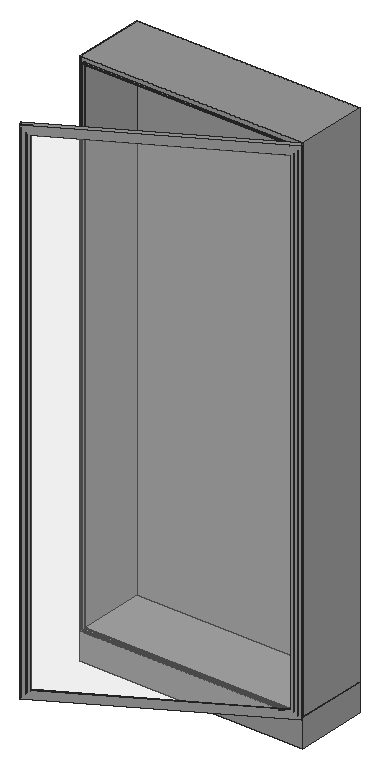
Revit family "Hager-Univers-IP55-D275-H1950-Cl.I-Steel_encl-NoHosted-PL-pl", category Electrical Equipment, Revit 2020
Family settings
  Panel Configuration = Two Columns, Circuits Across
  Round Connector Dimension = Use Diameter
  Part Type = Panelboard
  Work Plane-Based = Yes
  Always vertical = Yes
  Cut with Voids When Loaded = No
  Shared = No
  Room Calculation Point = No
Parameters (values of type "Montaż podłogowy IP55 S800 W1950 G275  - FR23K1")
  Width Control [instance] = if([EF000008 - Szerokość] > Min Width, [EF000008 - Szerokość], Min Width)  # 800 mm
  Type Comments = [HG000003 - Zakres]  # "Univers"
  Thickness Door [instance] = if([EF009171 - Drzwi/pokrywa z materiału o wysokiej wytrzymałości mechanicznej] > 3 mm, 3 mm, [EF009171 - Drzwi/pokrywa z materiału o wysokiej wytrzymałości mechanicznej])  # 1.5 mm
  Seal Frame Offset [instance] = 17 mm  # constant formula
  Plinth Visibility [instance] = [HG000027 - Wysokość cokołu] > 0 mm  # yes
  Min Width [instance] = 100 mm  # constant formula
  Min Depth [instance] = (2 * [EF009170 - Obudowa z materiału o wysokiej wytrzymałości mechanicznej]) + 1 mm  # 4 mm
  Min Height [instance] = 100 mm  # constant formula
  Internal Frame Depth [instance] = (Door System Depth * 0.5)  # 9 mm
  Panel Name [instance] = ""  # (empty or 0)
  Model = ""
  HG000027 - Wysokość cokołu = 100 mm
  HG000026 - Stojąca = yes
  HG000024 - Wysokość części dolnej = 600 mm
  HG000023 - Obudowa dwusekcyjna = no
  HG000016 - Widoczność drzwi w widoku 3D [instance] = yes
  HG000015 - Przestrzeń robocza - otwarcie drzwi [instance] = no
  HG000014 - Drzwi prawe [instance] = yes
  HG000013 - Drzwi lewe [instance] = not([HG000014 - Drzwi prawe])  # no
  HG000012 - Kąt otwarcia drzwi [instance] = 30.00°
  HG000010 - Drzwi asymetryczne = no
  HG000009 - Drzwi dwuskrzydłowe = no
  HG000006 - Montaż podtynkowy = no
  HG000004 - Referencja producenta = "FR23K1"
  HG000003 - Zakres = "Univers"
  HG000002 - Z drzwiami lub pokrywą = yes
  Frame Offset Bottom [instance] = 10 mm  # constant formula
  Frame Offset [instance] = 15 mm  # constant formula
  EF015940 - Pokrywa z wyzwalaczem nadciśnieniowym = no
  EF011959 - Stopień ochrony (NEMA) = ""
  EF009554 - Liczba otworów pod flansze = 6
  EF009212 - Wykonanie pokrywy = "EV000116 - Zamknięty"
  EF009171 - Drzwi/pokrywa z materiału o wysokiej wytrzymałości mechanicznej = 1.5 mm
  EF009170 - Obudowa z materiału o wysokiej wytrzymałości mechanicznej = 1.5 mm
  EF008873 - Prąd znamionowy (In) = 800 A
  EF007800 - Do ochrony odgromowej = no
  EF006306 - Z zamkiem = no
  EF006244 - Transparentna pokrywa/drzwi = yes
  EF005474 - Stopień ochrony (IP) = "EV006420 - IP55"
  EF004464 - Rodzaj drzwi = "EV002646 - Pojedynczy"
  EF004427 - Liczba modułów = 432
  EF004293 - Odporność udarowa = "EV008784 - IK10"
  EF003532 - Do zastosowań zewnętrznych = no
  EF002950 - Szerokość wyrażona liczbą modułów = 24
  EF001613 - Podtrzymanie funkcji = "EV000494 - Brak"
  EF001596 - Materiał obudowy = "EV000179 - Stal"
  EF001131 - Głębokość wewnętrzna = 275 mm
  EF001088 - Możliwość rozbudowy = yes
  EF000437 - Liczba wejść kablowych = 6
  EF000339 - Rodzaj pokrywy = "EV004216 - Drzwi"
  EF000266 - Liczba rzędów = 12
  EF000218 - Głębokość wbudowania = 0 mm
  EF000118 - Z płytą montażową = no
  EF000116 - Numer RAL = "7035"
  EF000049 - Głębokość = 275 mm
  EF000040 - Wysokość = 1950 mm
  EF000008 - Szerokość = 800 mm
  EF000007 - Kolor = "EV000270 - Szary"
  EF000003 - Sposób montażu = "EV012274 - Montaż podłogowy"
  Door System Leaf Tolerance [instance] = 1.5 mm  # constant formula
  Door System Depth [instance] = 18 mm  # constant formula
  Door Height [instance] = Height Control - [HG000027 - Wysokość cokołu]  # 1850 mm
  Description = ""
  Default Elevation = 1219.2 mm
  Connector Offset [instance] = Height Control / 2  # 975 mm
  Manufacturer = "Hager"  # constant formula
  Height Control [instance] = if([EF000040 - Wysokość] > Min Height, [EF000040 - Wysokość], Min Height)  # 1950 mm
  Depth Control [instance] = if([EF000049 - Głębokość] > Min Depth, [EF000049 - Głębokość], Min Depth)  # 275 mm
  Bottom Top Plate Trim [instance] = 1.5 mm  # constant formula
  Plinth height Ctrl [instance] = if([HG000027 - Wysokość cokołu] > 0 mm, [HG000027 - Wysokość cokołu], 12 mm)  # 100 mm
Types (11, lengths in mm): name | Width Control | HG000010 - Drzwi asymetryczne | HG000009 - Drzwi dwuskrzydłowe | HG000004 - Referencja producenta | EF009554 - Liczba otworów pod flansze | EF006244 - Transparentna pokrywa/drzwi | EF004464 - Rodzaj drzwi | EF004427 - Liczba modułów | EF000437 - Liczba wejść kablowych | EF000008 - Szerokość
  Montaż podłogowy IP55 S1050 W1950 G275  - FR24E1 | 1050 | yes | yes | "FR24E1" | 8 | no | "EV003602 - Podwójny" | 576 | 8 | 1050
  Montaż podłogowy IP55 S1050 W1950 G275  - FR24K1 | 1050 | yes | yes | "FR24K1" | 8 | yes | "EV003602 - Podwójny" | 576 | 8 | 1050
  Montaż podłogowy IP55 S1300 W1950 G275  - FR25E1 | 1300 | yes | yes | "FR25E1" | 10 | no | "EV003602 - Podwójny" | 720 | 10 | 1300
  Montaż podłogowy IP55 S1300 W1950 G275  - FR25K1 | 1300 | yes | yes | "FR25K1" | 10 | yes | "EV003602 - Podwójny" | 720 | 10 | 1300
  Montaż podłogowy IP55 S1550 W1950 G275  - FR26E1 | 1550 | yes | yes | "FR26E1" | 12 | no | "EV003602 - Podwójny" | 864 | 12 | 1550
  Montaż podłogowy IP55 S1550 W1950 G275  - FR26K1 | 1550 | yes | yes | "FR26K1" | 12 | yes | "EV003602 - Podwójny" | 864 | 12 | 1550
  Montaż podłogowy IP55 S300 W1950 G275  - FR21E1 | 300 | no | no | "FR21E1" | 2 | no | "EV002646 - Pojedynczy" | 144 | 2 | 300
  Montaż podłogowy IP55 S550 W1950 G275  - FR22E1 | 550 | no | no | "FR22E1" | 4 | no | "EV002646 - Pojedynczy" | 288 | 4 | 550
  Montaż podłogowy IP55 S550 W1950 G275  - FR22K1 | 550 | no | no | "FR22K1" | 4 | yes | "EV002646 - Pojedynczy" | 288 | 4 | 550
  Montaż podłogowy IP55 S800 W1950 G275  - FR23E1 | 800 | no | no | "FR23E1" | 6 | no | "EV002646 - Pojedynczy" | 432 | 6 | 800
  Montaż podłogowy IP55 S800 W1950 G275  - FR23K1 | 800 | no | no | "FR23K1" | 6 | yes | "EV002646 - Pojedynczy" | 432 | 6 | 800
Reference planes
  plane 1 "Center (Front/Back)": y = 0
  plane 2: z = 0
  plane 3 "Center (Left/Right)": x = 0
  plane 4: y = 0
  plane 5: y = 0
  plane 6: z = 0
  plane 7: x = -400
  plane 8: x = 400
  plane 9: x = 398.5
  plane 10: x = -398.5
  plane 11: z = 100
  plane 12: z = 101.5
  plane 13: y = -275
  plane 14: y = -1.5
  plane 15: x = 0
  plane 16: y = -257
  plane 17: y = -273.5
  plane 18: y = -255.5
  plane 19: x = -383.5
  plane 20: x = 383.5
  plane 21: z = 111.5
  plane 22: x = -383
  plane 23: x = 383
  plane 24: z = 100
  plane 25: z = 1950
  plane 26: z = 1950
  plane 27: z = 1933.5
  plane 28: z = 1948.5
Forms (mm)
  Extrusion 1, solid, material "Hager_Steel_RAL7035_Light_Grey", detail levels medium+fine
    sketch origin (-208.679, -4572, 100) x (-1, 0, 0) y (0, -1, 0)
      loop
        line (191.321, -4315) -> (-608.679, -4315) -> (-608.679, -4572) -> (191.321, -4572) -> (191.321, -4315)
    from 0 to 1850
  Extrusion 2, void
    sketch origin (-350.771, -275, 1219.2) x (1, 0, 0) y (0, 0, 1)
      loop
        line (-47.729, 729.3) -> (-47.729, -1117.7) -> (749.271, -1117.7) -> (749.271, 729.3) -> (-47.729, 729.3)
    from -19.5 to -273.5
  Extrusion 3, void
    sketch origin (-290.084, -257, 1219.2) x (1, 0, 0) y (0, 0, 1)
      loop
        line (-93.416, -1107.7) -> (673.584, -1107.7) -> (673.584, 714.3) -> (-93.416, 714.3) -> (-93.416, -1107.7)
    from 0 to -1.5
  Extrusion 4, solid, material "Hager_Steel_RAL7035_Light_Grey", visible <- "Plinth Visibility", detail levels medium+fine
    sketch origin (0, 0, 0) x (1, 0, 0) y (0, 1, 0)
      loop
        line (-400, 0) -> (-400, -257) -> (400, -257) -> (400, 0) -> (-400, 0)
    from 0 to 100 <- "Plinth height Ctrl"
  Extrusion 5, solid, material "Hager_Steel_RAL7035_Light_Grey", detail levels coarse
    sketch origin (0, 0, 0) x (1, 0, 0) y (0, 1, 0)
      loop
        line (-400, 0) -> (-400, -275) -> (400, -275) -> (400, 0) -> (-400, 0)
    from 0 to 1950 <- "Height Control"
  Sweep 6, void
    path in 3D
      loop
        line (-400, -257, 100) -> (400, -257, 100) -> (400, 0, 100) -> (-400, 0, 100) -> (-400, -257, 100)
    profile origin (-400, -128.5, 100) x (1, 0, 0) y (0, 0, 1)
      loop
        line (0, 0) -> (0, -1.5) -> (1.5, -1.5)
        arc (1.5, -1.5) -> (1.061, -0.439) -> (0, 0) r 1.5
  Extrusion 7, solid, material "Hager_Steel_RAL7035_Light_Grey", detail levels fine
    sketch origin (-400, -257, 100) x (1, 0, 0) y (0, 0, 1)
      loop
        line (16.5, 11.5) -> (783.5, 11.5) -> (783.5, 1833.5) -> (16.5, 1833.5) -> (16.5, 11.5)
      loop
        line (15, 10) -> (785, 10) -> (785, 1835) -> (15, 1835) -> (15, 10)
    from 0 to 9 <- "Internal Frame Depth"
Cuts and joins
  Extrusion 2, Extrusion 3 cuts Extrusion 1
  Sweep 6 cuts Extrusion 4
Lines and regions (mm)
  Masking region 1
    outline origin (0, 0, 0) x (1, 0, 0) y (0, 1, 0)
      loop
        line (-400, 0) -> (-400, -275) -> (400, -275) -> (400, 0) -> (-400, 0)
  Masking region 2, detail levels coarse
    outline origin (-290.084, -257, 1219.2) x (-1, 0, 0) y (0, 0, 1)
      loop
        line (-690.084, -1219.2) -> (109.916, -1219.2) -> (109.916, 730.8) -> (-690.084, 730.8) -> (-690.084, -1219.2)
  Masking region 3, detail levels coarse
    outline origin (0, 0, 0) x (0, 1, 0) y (0, 0, 1)
      loop
        line (0, 0) -> (0, 1950) -> (-275, 1950) -> (-275, 0) -> (0, 0)
  Masking region 4, visible <- "Plinth Visibility", detail levels medium+fine
    outline origin (0, 0, 0) x (0, 1, 0) y (0, 0, 1)
      loop
        line (-1.5, 100) -> (-255.5, 100)
        arc (-255.5, 100) -> (-255.939, 98.939) -> (-257, 98.5) r 1.5
        line (-257, 98.5) -> (-257, 0) -> (0, 0) -> (0, 98.5)
        arc (0, 98.5) -> (-1.061, 98.939) -> (-1.5, 100) r 1.5
  Masking region 5, detail levels medium+fine
    outline origin (0, 0, 594.038) x (0, 1, 0) y (0, 0, 1)
      loop
        line (0, -494.038) -> (0, 1355.962) -> (-257, 1355.962) -> (-257, -494.038) -> (0, -494.038)
  Masking region 6, detail levels medium+fine
    outline origin (-359.7, -257, 1211.883) x (-1, 0, 0) y (0, 0, 1)
      loop
        line (-759.7, -1111.883) -> (40.3, -1111.883) -> (40.3, 738.117) -> (-759.7, 738.117) -> (-759.7, -1111.883)
  Masking region 7, visible <- "Plinth Visibility", detail levels medium+fine
    outline origin (-320.334, -257, 1041.368) x (-1, 0, 0) y (0, 0, 1)
      loop
        line (-720.334, -1041.368) -> (79.666, -1041.368) -> (79.666, -942.868)
        arc (79.666, -942.868) -> (78.606, -942.429) -> (78.166, -941.368) r 1.5
        line (78.166, -941.368) -> (-718.834, -941.368)
        arc (-718.834, -941.368) -> (-719.273, -942.429) -> (-720.334, -942.868) r 1.5
        line (-720.334, -942.868) -> (-720.334, -1041.368)
  sketch lines
    curve 1: line (-400, 0, 100) -> (-400, -257, 100)
    curve 2: line (-400, -257, 100) -> (400, -257, 100)
    curve 3: line (400, 0, 100) -> (-400, 0, 100)
    curve 4: line (400, -257, 100) -> (400, 0, 100)
Dimensions and locks
  locked: plane 1 "Center (Front/Back)" to plane 5
  "EF009170 - Obudowa z materiału o wysokiej wytrzymałości mechanicznej": plane 7 to plane 10
  "EF009170 - Obudowa z materiału o wysokiej wytrzymałości mechanicznej": plane 8 to plane 9
  equal spacing: plane 7, plane 3 "Center (Left/Right)", plane 8
  "Width Control": plane 7 to plane 8
  "Depth Control": plane 4 to plane 13
  "EF009170 - Obudowa z materiału o wysokiej wytrzymałości mechanicznej": plane 4 to plane 14
  "Height Control": plane 25 to level
  "HG000027 - Wysokość cokołu": plane 11 to level
  "EF009170 - Obudowa z materiału o wysokiej wytrzymałości mechanicznej": plane 12 to plane 11
  "EF009170 - Obudowa z materiału o wysokiej wytrzymałości mechanicznej": plane 17 to plane 13
  "EF009170 - Obudowa z materiału o wysokiej wytrzymałości mechanicznej": plane 18 to plane 16
  "Frame Offset Bottom": plane 21 to plane 12
  "Frame Offset": plane 10 to plane 19
  "Frame Offset": plane 9 to plane 20
  "Door System Depth": plane 16 to plane 13
  "Seal Frame Offset": plane 7 to plane 22
  "Seal Frame Offset": plane 8 to plane 23
  "EF009170 - Obudowa z materiału o wysokiej wytrzymałości mechanicznej": plane 26 to plane 28
  "Frame Offset": plane 28 to plane 27
  "Connector Offset": plane 2 to connector elem
  "Bottom Top Plate Trim": profile plane to Sweep 6 sketch curve
  "Bottom Top Plate Trim": Sweep 6 sketch curve to Sweep 6 sketch curve
  "Plinth height Ctrl": Masking region 4 sketch curve to level
  "Plinth height Ctrl": Masking region 7 sketch curve to level
  "Thickness Door": Extrusion 7 sketch curve to Extrusion 7 sketch curve  (x4)
  "Bottom Top Plate Trim": radius of Sweep 6 sketch curve
  "Bottom Top Plate Trim": radius of Masking region 4 sketch curve  (x2)
  "Bottom Top Plate Trim": radius of Masking region 7 sketch curve  (x2)
  aligned and locked: Extrusion 2 sketch curve to plane 12
  aligned and locked: Extrusion 2 sketch curve to plane 9
  aligned and locked: Extrusion 2 sketch curve to plane 10
  aligned and locked: Extrusion 2 to plane 14
  aligned and locked: Extrusion 1 sketch curve to plane 4
  aligned and locked: plane 8 to Extrusion 1 sketch curve
  aligned and locked: plane 7 to Extrusion 1 sketch curve
  aligned and locked: Extrusion 2 to plane 18
  aligned and locked: Extrusion 3 sketch curve to plane 19
  aligned and locked: plane 20 to Extrusion 3 sketch curve
  aligned and locked: Extrusion 3 to Extrusion 2
  aligned and locked: Extrusion 3 sketch curve to plane 21
  aligned and locked: plane 3 "Center (Left/Right)" to nested 1
  aligned and locked: Extrusion 1 sketch curve to plane 16
  aligned and locked: Extrusion 4 sketch curve to cut or joined group of Extrusion 1, Extrusion 2, Extrusion 3
  aligned and locked: Masking region 1 sketch curve to plane 7
  aligned and locked: Masking region 1 sketch curve to plane 5
  aligned and locked: Masking region 1 sketch curve to plane 8
  aligned and locked: Masking region 2 sketch curve to level
  aligned and locked: level to Masking region 3 sketch curve
  aligned and locked: plane 1 "Center (Front/Back)" to Masking region 3 sketch curve
  aligned and locked: plane 13 to Masking region 3 sketch curve
  aligned and locked: plane 5 to Masking region 4 sketch curve
  aligned and locked: Masking region 2 sketch curve to plane 8
  aligned and locked: Masking region 2 sketch curve to plane 7
  aligned and locked: plane 7 to nested 2
  aligned and locked: nested 2 to plane 5
  aligned and locked: plane 5 to Masking region 5 sketch curve
  aligned and locked: plane 26 to Masking region 5 sketch curve
  aligned and locked: Extrusion 5 sketch curve to plane 8
  aligned and locked: Extrusion 5 sketch curve to plane 7
  aligned and locked: Extrusion 5 sketch curve to plane 5
  aligned and locked: Extrusion 3 sketch curve to plane 27
  aligned and locked: Extrusion 2 sketch curve to plane 28
  aligned and locked: Masking region 2 to plane 25
  aligned and locked: Extrusion 4 to plane 16
  aligned and locked: profile plane to Sweep 6 sketch curve
  aligned and locked: Masking region 5 sketch curve to plane 24
  aligned and locked: level to Masking region 4 sketch curve
  aligned and locked: Masking region 1 to plane 13
  aligned and locked: nested 1 to plane 16
  aligned and locked: Masking region 3 to plane 25
  aligned and locked: plane 16 to Masking region 4 sketch curve
  aligned and locked: Masking region 5 sketch curve to plane 16
  aligned and locked: plane 24 to plane 11
  aligned and locked: plane 26 to plane 25
  aligned and locked: plane 26 to cut or joined group of Extrusion 1, Extrusion 2, Extrusion 3
  aligned and locked: nested 1 to plane 24
  aligned and locked: Extrusion 1 to Extrusion 3
  aligned and locked: Masking region 6 sketch curve to plane 8
  aligned and locked: Masking region 6 sketch curve to plane 24
  aligned and locked: Masking region 6 sketch curve to plane 7
  aligned and locked: Masking region 6 sketch curve to plane 26
  aligned and locked: Masking region 7 sketch curve to plane 7
  aligned and locked: level to Masking region 7 sketch curve
  aligned and locked: Masking region 7 sketch curve to plane 8
  aligned and locked: Extrusion 7 sketch curve to cut or joined group of Extrusion 1, Extrusion 2, Extrusion 3  (x4)
Automatic sketch dimensions
  plane 19 to Extrusion 3 sketch curve = 0 mm
  Extrusion 3 sketch curve to plane 20 = 0 mm
  Extrusion 3 sketch curve to plane 21 = 0 mm
  Extrusion 4 sketch curve to plane 7 = 0 mm
  Extrusion 4 sketch curve to plane 8 = 0 mm
  Extrusion 4 sketch curve to plane 16 = 0 mm
  Masking region 1 sketch curve to plane 13 = 0 mm
  Masking region 2 sketch curve to plane 25 = 0 mm
  Masking region 3 sketch curve to plane 25 = 0 mm
  Extrusion 5 sketch curve to plane 13 = 0 mm
  profile plane to Sweep 6 sketch curve = 0 mm
Nested families
  nested 1: "EC000058_Univers_Door" at (0, -257, 100), Double <- "HG000009 - Drzwi dwuskrzydłowe", Transparent <- "EF006244 - Transparentna pokrywa/drzwi", Angle <- "HG000012 - Kąt otwarcia drzwi", Door_Right <- "HG000014 - Drzwi prawe", Assymetrical <- "HG000010 - Drzwi asymetryczne", Door <- "HG000002 - Z drzwiami lub pokrywą", Width_Ctrl <- "Width Control", 3d_Door <- "HG000016 - Widoczność drzwi w widoku 3D", Clearance <- "HG000015 - Przestrzeń robocza - otwarcie drzwi", Door_Left <- "HG000013 - Drzwi lewe", Width <- "Width Control", Door_Depth <- "Door System Depth", Leaf_Tolerance <- "Door System Leaf Tolerance", Height <- "Door Height", Lock_Visibility <- "EF006306 - Z zamkiem", Thickness <- "Thickness Door", type "EC000058_Univers_Door", detail levels medium+fine
    with min_wh 4 mm, Width_Ctrl 800 mm, Width 800 mm, Transparent yes, Thickness 1.5 mm, Seal_Material Hager_Rubber, Lock_Visibility no, Lock_Material Hager_Plastic_RAL9005_Jet_Black, Leaf_Width 800 mm, Leaf_Tolerance_External_Sides 0 mm, Leaf_Tolerance 1.5 mm, Leaf_Offset 0 mm, Leaf_Height 1847 mm, Leaf_2_Width 800 mm, Leaf_2_Offset 400 mm, Leaf_1_Width 800 mm, Leaf_1_Offset 400 mm, Height_Ctrl 1850 mm, Height 1850 mm, Glass_Material Hager_Glass, Double_Clearance_Ctrl no, Double no, Door_Right_Ctrl yes, Door_Right yes, Door_Material Hager_Steel_RAL7035_Light_Grey, Door_Left_Ctrl no, Door_Left no, Door_Depth 18 mm, Door yes, Clearance_Material Hager_Clearance, Clearance_Depth 800 mm, Clearance_Ctrl no, Clearance no, Assymetrical no, Angle 30.00°, 3d_Door yes
  nested 2: "Hager_Enclosure_Symbol" at (-400, 0, 0), Height <- "Depth Control", Width <- "Width Control", type "Hager_Enclosure_Symbol"
    with Width_Ctrl 800 mm, Width 800 mm, Height_Ctrl 275 mm, Height 275 mm, A_Width_Int 18.047 mm, A_Width 216.562 mm, A_Height_Ctrl 240.625 mm, A_Height 240.625 mm
Connectors
  electrical at (0, 0, 975)
    settings: on plane 1 "Center (Front/Back)", index 1, voltage 0 V, apparent load 0 VA, apparent load phase1 0 VA, apparent load phase2 0 VA, apparent load phase3 0 VA, power factor 1, load classification "Other", number of poles 1, system type 30, power factor state 1, is connector primary yes, connector utility no, sub classification motor no, connector description ""
Definition of nested family "EC000058_Univers_Door"
  Parameters (values of type "EC000058_Univers_Door")
    min_wh [instance] = (2 * Thickness) + 1 mm  # 11 mm
    Width_Ctrl [instance] = 400 mm
    Width [instance] = 500 mm
    Transparent [instance] = yes
    Thickness [instance] = 5 mm
    Seal_Material [instance] = none
    Lock_Visibility [instance] = yes
    Lock_Material [instance] = none
    Leaf_Width [instance] = if((Width_Ctrl - 2 * Leaf_Tolerance_External_Sides) > 0 mm, (Width_Ctrl - 2 * Leaf_Tolerance_External_Sides), min_wh)  # 400 mm
    Leaf_Tolerance_External_Sides [instance] = 0 mm  # constant formula
    Leaf_Tolerance [instance] = 1.5 mm
    Leaf_Offset [instance] = 0 mm  # constant formula
    Leaf_Height [instance] = if((Height_Ctrl - 2 * Leaf_Tolerance) > 0 mm, (Height_Ctrl - 2 * Leaf_Tolerance), min_wh)  # 497 mm
    Leaf_2_Width [instance] = if(and(and(Double, Assymetrical), Door_Left), (Leaf_Width / 3) - (Leaf_Tolerance / 2), if(and(and(Double, Assymetrical), Door_Right), (Leaf_Width / 3) * 2 - (Leaf_Tolerance / 2), if(and(Double, not(Assymetrical)), (Leaf_Width / 2) - Leaf_Tolerance, Leaf_Width)))  # 400 mm
    Leaf_2_Offset [instance] = if(and(Double, Assymetrical), Leaf_2_Width / 2, if(and(Double, not(Assymetrical)), Leaf_Width / 4, Leaf_Width / 2))  # 200 mm
    Leaf_1_Width [instance] = if(and(and(Double, Assymetrical), Door_Right), (Leaf_Width / 3) - (Leaf_Tolerance / 2), if(and(and(Double, Assymetrical), Door_Left), (Width / 3) * 2 - (Leaf_Tolerance / 2), if(and(Double, not(Assymetrical)), (Leaf_Width / 2) - Leaf_Tolerance, Leaf_Width)))  # 400 mm
    Leaf_1_Offset [instance] = if(and(Double, Assymetrical), Leaf_1_Width / 2, if(and(Double, not(Assymetrical)), Leaf_Width / 4, Leaf_Width / 2))  # 200 mm
    Height_Ctrl [instance] = if(Height > min_wh, Height, min_wh)  # 500 mm
    Height [instance] = 500 mm
    Glass_Material [instance] = none
    Double_Clearance_Ctrl [instance] = and(Double, Clearance)  # no
    Double [instance] = no
    Door_Right_Ctrl [instance] = and(or(Door_Right, Double), Door)  # yes
    Door_Right [instance] = yes
    Door_Material [instance] = none
    Door_Left_Ctrl [instance] = and(or(Door_Left, Double), Door)  # no
    Door_Left [instance] = no
    Door_Depth [instance] = 30 mm
    Door [instance] = yes
    Default Elevation = 1219.2 mm
    Clearance_Material [instance] = none
    Clearance_Depth [instance] = if(Leaf_1_Width > Leaf_2_Width, Leaf_1_Width, Leaf_2_Width)  # 400 mm
    Clearance_Ctrl [instance] = and(not(Double), Clearance)  # yes
    Clearance [instance] = yes
    Assymetrical [instance] = yes
    Angle [instance] = 30.00°
    3d_Door [instance] = yes
  Reference planes
    plane 1 "Center (Front/Back)": y = 0
    plane 2 "Bottom": z = 0
    plane 3 "Center (Left/Right)": x = 0
    plane 4: z = 500
    plane 5: x = -200
    plane 6: x = 200
    plane 7: z = 500
    plane 8: x = -200
    plane 9: z = 0
    plane 10: x = 200
    plane 11: y = 0
    plane 12: z = 1.5
    plane 13: x = -600
    plane 14: y = -400
    plane 15: x = 600
    plane 16: x = 0
    plane 17: x = 0
    plane 18: x = -200
    plane 19: x = 200
    plane 20: z = 498.5
  Forms (mm)
    Extrusion 1, solid, material <- "Clearance_Material", visible <- "Double_Clearance_Ctrl"
      sketch origin (1200, 0, 0) x (1, 0, 0) y (0, 0, -1)
        loop
          line (-1800, -498.5) -> (-600, -498.5) -> (-600, 0) -> (-1800, 0) -> (-1800, -498.5)
      from 0 to -400
  Dimensions and locks
    equal spacing: plane 5, plane 3 "Center (Left/Right)", plane 6
    "Width_Ctrl": plane 5 to plane 6
    "Leaf_Offset": plane 5 to plane 8
    "Leaf_Offset": plane 6 to plane 10
    "Leaf_Offset": plane 9 to level
    "Leaf_Offset": plane 4 to plane 7
    "Height_Ctrl": plane 4 to level
    "Leaf_Tolerance": plane 12 to plane 9
    locked: plane 11 to plane 1 "Center (Front/Back)"
    "Leaf_1_Offset": plane 18 to plane 16
    "Leaf_2_Offset": plane 17 to plane 19
    "Leaf_1_Width": plane 13 to plane 8
    "Leaf_2_Width": plane 10 to plane 15
    "Clearance_Depth": plane 14 to plane 1 "Center (Front/Back)"
    "Leaf_Tolerance_External_Sides": plane 8 to plane 18
    "Leaf_Tolerance_External_Sides": plane 19 to plane 10
    "Leaf_Tolerance": plane 7 to plane 20
    aligned and locked: level to plane 2 "Bottom"
    aligned and locked: nested 1 to plane 16
    aligned and locked: nested 2 to plane 17
    aligned and locked: Extrusion 1 to plane 13
    aligned and locked: plane 15 to Extrusion 1
    aligned and locked: Extrusion 1 to plane 14
    aligned and locked: plane 12 to nested 1
    aligned and locked: nested 2 to plane 12
    aligned and locked: Extrusion 1 to plane 11
    aligned and locked: plane 20 to Extrusion 1
    aligned and locked: nested 2 to plane 11
    aligned and locked: nested 1 to plane 11
  Automatic sketch dimensions
    Extrusion 1 sketch curve to level = 0 mm
    plane 5 to Extrusion 1 sketch curve = 400 mm
    plane 6 to Extrusion 1 sketch curve = 400 mm
    Extrusion 1 sketch curve to plane 4 = 1.5 mm
  Nested families
    nested 1: "EC000058_Univers_Door_Leaf" at (0, 0, 1.5), Width <- "Leaf_1_Width", visible <- "Door_Left_Ctrl", Leaf_Height <- "Leaf_Height", Angle <- "Angle", 3d_Door <- "3d_Door", Transparent <- "Transparent", Clearance Material <- "Clearance_Material", Clearance <- "Clearance_Ctrl", Door_Material <- "Door_Material", Glass_Material <- "Glass_Material", Door_Depth <- "Door_Depth", Lock_Material <- "Lock_Material", Seal_Material <- "Seal_Material", Lock_Visibility <- "Lock_Visibility", Thickness <- "Thickness", type "EC000058_Univers_Door_Leaf"
      with Width 400 mm, Transparent_Glass_Offset 30 mm, Transparent_Ctrl yes, Transparent yes, Thickness 5 mm, Standard no, Seal_Material none, Seal_D2 8 mm, Seal_D1 1 mm, Offset_Internal_Frame 10 mm, Lock_Width 20 mm, Lock_Visibility_3d yes, Lock_Visibility yes, Lock_Thickness_3 3 mm, Lock_Thickness_2 1 mm, Lock_Thickness_1 3 mm, Lock_Radius_Offset_2 16 mm, Lock_Radius_Offset_1 15 mm, Lock_Radius_2 5 mm, Lock_Radius 6 mm, Lock_Offset 5 mm, Lock_Material none, Lock_Height 80 mm, Lock_Cover_Top_Offset_2d 17 mm, Lock_Cover_Height -65 mm, Leaf_Height 497 mm, Internal_Seal_Thickness 8 mm, Internal_Seal_Depth_2 4.5 mm, Internal_Frame_Depth 25 mm, Glass_Thickness -1 mm, Glass_Offset -2 mm, Glass_Material none, Door_Material none, Door_Depth 30 mm, Clearance Material none, Clearance yes, Angle_Ctrl 30.00°, Angle 30.00°, 3d_Door yes
    nested 2: "EC000058_Univers_Door_Leaf" at (0, 0, 1.5) x (-1, 0, 0) z (0, 0, 1), Width <- "Leaf_2_Width", visible <- "Door_Right_Ctrl", Leaf_Height <- "Leaf_Height", Angle <- "Angle", 3d_Door <- "3d_Door", Transparent <- "Transparent", Clearance Material <- "Clearance_Material", Clearance <- "Clearance_Ctrl", Door_Material <- "Door_Material", Glass_Material <- "Glass_Material", Door_Depth <- "Door_Depth", Lock_Material <- "Lock_Material", Seal_Material <- "Seal_Material", Lock_Visibility <- "Lock_Visibility", Thickness <- "Thickness", type "EC000058_Univers_Door_Leaf"
      with Width 400 mm, Transparent_Glass_Offset 30 mm, Transparent_Ctrl yes, Transparent yes, Thickness 5 mm, Standard no, Seal_Material none, Seal_D2 8 mm, Seal_D1 1 mm, Offset_Internal_Frame 10 mm, Lock_Width 20 mm, Lock_Visibility_3d yes, Lock_Visibility yes, Lock_Thickness_3 3 mm, Lock_Thickness_2 1 mm, Lock_Thickness_1 3 mm, Lock_Radius_Offset_2 16 mm, Lock_Radius_Offset_1 15 mm, Lock_Radius_2 5 mm, Lock_Radius 6 mm, Lock_Offset 5 mm, Lock_Material none, Lock_Height 80 mm, Lock_Cover_Top_Offset_2d 17 mm, Lock_Cover_Height -65 mm, Leaf_Height 497 mm, Internal_Seal_Thickness 8 mm, Internal_Seal_Depth_2 4.5 mm, Internal_Frame_Depth 25 mm, Glass_Thickness -1 mm, Glass_Offset -2 mm, Glass_Material none, Door_Material none, Door_Depth 30 mm, Clearance Material none, Clearance yes, Angle_Ctrl 30.00°, Angle 30.00°, 3d_Door yes
  Definition of nested family "EC000058_Univers_Door_Leaf"
    Parameters (values of type "EC000058_Univers_Door_Leaf")
      Width [instance] = 2000 mm
      Transparent_Glass_Offset [instance] = 30 mm
      Transparent_Ctrl [instance] = and(Transparent, [3d_Door])  # yes
      Transparent [instance] = yes
      Thickness [instance] = 5 mm
      Standard [instance] = and(not(Transparent), [3d_Door])  # no
      Seal_Material [instance] = none
      Seal_D2 [instance] = 8 mm  # constant formula
      Seal_D1 [instance] = 1 mm  # constant formula
      Offset_Internal_Frame [instance] = 10 mm  # constant formula
      Lock_Width [instance] = 20 mm  # constant formula
      Lock_Visibility_3d [instance] = and(Lock_Visibility, [3d_Door])  # yes
      Lock_Visibility [instance] = yes
      Lock_Thickness_3 [instance] = 3 mm  # constant formula
      Lock_Thickness_2 [instance] = 1 mm  # constant formula
      Lock_Thickness_1 [instance] = 3 mm  # constant formula
      Lock_Radius_Offset_2 [instance] = Lock_Radius_Offset_1 + 1 mm  # 16 mm
      Lock_Radius_Offset_1 [instance] = 15 mm  # constant formula
      Lock_Radius_2 [instance] = Lock_Radius - 1 mm  # 5 mm
      Lock_Radius [instance] = 6 mm  # constant formula
      Lock_Offset [instance] = 5 mm  # constant formula
      Lock_Material [instance] = none
      Lock_Height [instance] = 80 mm  # constant formula
      Lock_Cover_Top_Offset_2d [instance] = Lock_Radius_Offset_2 + 1 mm  # 17 mm
      Lock_Cover_Height [instance] = -(Lock_Height - Lock_Radius_Offset_1)  # -65 mm
      Leaf_Height [instance] = 2720.336 mm
      Internal_Seal_Thickness [instance] = 8 mm  # constant formula
      Internal_Seal_Depth_2 [instance] = 4.5 mm  # constant formula
      Internal_Frame_Depth [instance] = if(Door_Depth - Thickness > 5 mm, Door_Depth - Thickness, 5 mm)  # 25 mm
      Glass_Thickness [instance] = if(Thickness > 15 mm, Glass_Offset + 10 mm, -1 mm)  # -1 mm
      Glass_Offset [instance] = if(Thickness > 15 mm, -(Thickness + 10 mm) / 2, -2 mm)  # -2 mm
      Glass_Material [instance] = none
      Door_Material [instance] = none
      Door_Depth [instance] = 30 mm
      Default Elevation = 0 mm
      Clearance Material [instance] = none
      Clearance [instance] = yes
      Angle_Ctrl [instance] = if(Angle > 180.00°, 180.00°, Angle)  # 90.00°
      Angle [instance] = 90.00°
      3d_Door [instance] = yes
    Reference planes
      plane 1 "Center (Front/Back)": y = 0
      plane 2: z = 0
      plane 3 "Center (Left/Right)": x = 0
      plane 4: y = 2000
      plane 5: x = -1000
      plane 6: x = 1000
      plane 7: x = -3000
      plane 8: z = 2720.336
      plane 9: z = 30
      plane 10: z = 2690.336
      plane 11: x = 970
      plane 12: x = -970
      plane 13: y = -3
      plane 14: z = 107.833
      plane 15: y = -5
      plane 16: y = -223.314
      plane 17: x = -1000
      plane 18: z = 1360.168
      plane 19: y = 30
    Forms (mm)
      Extrusion 1, solid, material <- "Clearance Material", visible <- "Clearance"
        sketch origin (0, 0, 0) x (1, 0, 0) y (0, 0, 1)
          loop
            line (-3000, 2720.336) -> (-3000, 0) -> (1000, 0) -> (1000, 2720.336) -> (-3000, 2720.336)
        from 0 to -2000
      Extrusion 2, solid, material <- "Door_Material", visible <- "Standard", detail levels medium+fine
        sketch origin (-1000, 0, 0) x (0, 1, 0) y (-1, 0, 0)
          loop
            line (0, 30) -> (0, 25) -> (2000, 25) -> (2000, 30) -> (0, 30)
        from 0 to 2720.336 <- "Leaf_Height"
      Extrusion 3, solid, material <- "Door_Material", visible <- "Transparent_Ctrl", detail levels medium+fine
        sketch origin (-1000, 0, 0) x (0, 1, 0) y (-1, 0, 0)
          loop
            line (0, 25) -> (2000, 25) -> (2000, 30) -> (0, 30) -> (0, 25)
        from 0 to 2720.336 <- "Leaf_Height"
      Extrusion 4, void
        sketch origin (-1025, 2000, 0) x (0, 1, 0) y (0, 0, -1)
          loop
            line (-30, -2690.336) -> (-30, -30) -> (-1970, -30) -> (-1970, -2690.336) -> (-30, -2690.336)
        from 0 to 5 <- "Thickness"
      Sweep 5, solid, material <- "Seal_Material", visible <- "Transparent_Ctrl", detail levels fine
        path in 3D
          loop
            line (-1025, 30, 30) -> (-1025, 30, 2690.336) -> (-1025, 1970, 2690.336) -> (-1025, 1970, 30) -> (-1025, 30, 30)
        profile origin (-1025, 1000, 30) x (1, 0, 0) y (0, 0, 1)
          loop
            line (0, 0) -> (0, -8) -> (1, -8) -> (1, 0) -> (0, 0)
      Extrusion 6, solid, material <- "Glass_Material", visible <- "Transparent_Ctrl", detail levels medium+fine
        sketch origin (-1030, 0, 0) x (0, 1, 0) y (0, 0, -1)
          loop
            line (1970, -2690.336) -> (1970, -30) -> (30, -30) -> (30, -2690.336) -> (1970, -2690.336)
        from -2 <- "Glass_Offset" to -1 <- "Glass_Thickness"
      Extrusion 7, solid, material <- "Door_Material", visible <- "3d_Door", detail levels medium+fine
        sketch origin (-1025, 2000, 0) x (0, -1, 0) y (0, 0, -1)
          loop
            line (0, -2720.336) -> (2000, -2720.336) -> (2000, 0) -> (0, 0) -> (0, -2720.336)
          loop
            line (1995, -5) -> (5, -5) -> (5, -2715.336) -> (1995, -2715.336) -> (1995, -5)
        from 0 to 25 <- "Internal_Frame_Depth"
      Sweep 8, solid, material <- "Seal_Material", visible <- "Transparent_Ctrl", detail levels fine
        path in 3D
          loop
            line (-1025, 0, 0) -> (-1025, 2000, 0) -> (-1025, 2000, 2720.336) -> (-1025, 0, 2720.336) -> (-1025, 0, 0)
        profile origin (-1025, 0, 1360.168) x (1, 0, 0) y (0, 1, 0)
          loop
            line (0, 10) -> (2.975, 10)
            arc (2.975, 10) -> (4.053, 10.447) -> (4.5, 11.525) r 1.525
            line (4.5, 11.525) -> (4.5, 16.527)
            arc (4.5, 16.527) -> (4.069, 17.569) -> (3.027, 18) r 1.473
            line (3.027, 18) -> (0, 18) -> (0, 10)
      Extrusion 9, solid, material <- "Lock_Material", visible <- "Lock_Visibility_3d", detail levels fine
        sketch origin (-1030, 0, 0) x (0, 1, 0) y (0, 0, -1)
          loop
            arc (1993.5, -1400.168) -> (1994.561, -1399.729) -> (1995, -1398.668) r 1.5
            line (1995, -1398.668) -> (1995, -1320.168) -> (1975, -1320.168) -> (1975, -1398.668)
            arc (1975, -1398.668) -> (1975.439, -1399.729) -> (1976.5, -1400.168) r 1.5
            line (1976.5, -1400.168) -> (1993.5, -1400.168)
        from 3 <- "Lock_Thickness_1" to 0
      Blend 10, solid, material <- "Lock_Material", visible <- "Lock_Visibility_3d", detail levels fine
        base sketch origin (-1033, 0, 0) x (0, 1, 0) y (0, 0, -1)
          loop
            line (1975, -1320.168) -> (1975, -1398.668)
            arc (1975, -1398.668) -> (1975.439, -1399.729) -> (1976.5, -1400.168) r 1.5
            line (1976.5, -1400.168) -> (1993.5, -1400.168)
            arc (1993.5, -1400.168) -> (1994.561, -1399.729) -> (1995, -1398.668) r 1.5
            line (1995, -1398.668) -> (1995, -1320.168) -> (1975, -1320.168)
        top sketch origin (-1033, 0, 0) x (0, 1, 0) y (0, 0, -1)
          loop
            line (1976, -1320.168) -> (1976, -1398.668)
            arc (1976, -1398.668) -> (1976.146, -1399.022) -> (1976.5, -1399.168) r 0.5
            line (1976.5, -1399.168) -> (1993.5, -1399.168)
            arc (1993.5, -1399.168) -> (1993.854, -1399.022) -> (1994, -1398.668) r 0.5
            line (1994, -1398.668) -> (1994, -1320.168) -> (1976, -1320.168)
        from 0 to 1 <- "Lock_Thickness_2"
      Blend 11, solid, material <- "Lock_Material", visible <- "Lock_Visibility_3d", detail levels fine
        base sketch origin (-1034, 0, 0) x (0, 1, 0) y (0, 0, -1)
          loop
            line (1978, -1320.168) -> (1978, -1384.168)
            arc (1978, -1384.168) -> (1985, -1391.168) -> (1992, -1384.168) r 7
            line (1992, -1384.168) -> (1992, -1320.168) -> (1978, -1320.168)
        top sketch origin (-1034, 0, 0) x (0, 1, 0) y (0, 0, -1)
          loop
            line (1991, -1320.168) -> (1979, -1320.168) -> (1979, -1383.168)
            arc (1979, -1383.168) -> (1985, -1389.168) -> (1991, -1383.168) r 6
            line (1991, -1383.168) -> (1991, -1320.168)
        from 0 to 3 <- "Lock_Thickness_3"
      Extrusion 12, solid, material <- "Lock_Material", visible <- "Lock_Visibility_3d", detail levels fine
        sketch origin (-1030, 1975, 1320.168) x (1, 0, 0) y (0, -1, 0)
          loop
            line (-7, -19) -> (-7, -1) -> (0, -1) -> (0, 0) -> (-8, 0) -> (-8, -20) -> (0, -20) -> (0, -19) -> (-7, -19)
        from 0 to -65 <- "Lock_Cover_Height"
      Extrusion 13, void
        sketch origin (-1038, 1995, 1320.168) x (-1, 0, 0) y (0, 0, -1)
          loop
            line (-5, -65) -> (0, -65) -> (-5, -60) -> (-5, -65)
        from 0 to 20 <- "Lock_Width"
      Extrusion 14, void
        sketch origin (-1038, 1975, 1320.168) x (0, -1, 0) y (0, 0, -1)
          loop
            circle (-10, -15.995) r 6
          loop
            circle (-10, -15.995) r 5
        from 0 to 2
      Extrusion 15, solid, material <- "Lock_Material", visible <- "Lock_Visibility_3d", detail levels medium
        sketch origin (-1030, 0, 0) x (0, 1, 0) y (0, 0, -1)
          loop
            arc (1993.5, -1400.168) -> (1994.561, -1399.729) -> (1995, -1398.668) r 1.5
            line (1995, -1398.668) -> (1995, -1320.168) -> (1975, -1320.168) -> (1975, -1398.668)
            arc (1975, -1398.668) -> (1975.439, -1399.729) -> (1976.5, -1400.168) r 1.5
            line (1976.5, -1400.168) -> (1993.5, -1400.168)
        from 8 to 0
    Cuts and joins
      Extrusion 4 cuts Extrusion 3
      Extrusion 13, Extrusion 14 cuts Extrusion 9
      Extrusion 14 cuts Blend 11
      Extrusion 13, Extrusion 14 cuts Extrusion 12
      joined: Extrusion 9, Blend 10, Blend 11, Extrusion 12
      Extrusion 14 cuts Extrusion 15
    Lines and regions (mm)
      Masking region 1, visible <- "Lock_Visibility", detail levels fine
        outline origin (0, 0, 0) x (0, 1, 0) y (0, 0, 1)
          loop
            line (30, 1320.168) -> (33, 1320.168) -> (33, 1400.168) -> (30, 1400.168) -> (30, 1320.168)
      Masking region 2, visible <- "Lock_Visibility", detail levels fine
        outline origin (0, 3.143, 0) x (0, 1, 0) y (0, 0, 1)
          loop
            line (29.857, 1354.168) -> (30.857, 1354.168) -> (30.857, 1366.168) -> (29.857, 1366.168) -> (29.857, 1354.168)
      Masking region 3, detail levels medium+fine
        outline origin (0, 0, 0) x (0, 1, 0) y (0, 0, 1)
          loop
            line (0, 0) -> (30, 0) -> (30, 2720.336) -> (0, 2720.336) -> (0, 0)
      Masking region 4, detail levels medium+fine
        outline origin (0, 0, 0) x (1, 0, 0) y (0, 0, 1)
          loop
            line (-1000, 2720.336) -> (-1000, 0) -> (1000, 0) -> (1000, 2720.336) -> (-1000, 2720.336)
      Masking region 5, visible <- "Lock_Visibility", detail levels fine
        outline origin (-47.116, 0, 0) x (1, 0, 0) y (0, 0, 1)
          loop
            arc (1024.616, 1399.168) -> (1023.556, 1398.729) -> (1023.116, 1397.668) r 1.5
            line (1023.116, 1397.668) -> (1023.116, 1320.168) -> (1041.116, 1320.168) -> (1041.116, 1397.668)
            arc (1041.116, 1397.668) -> (1040.677, 1398.729) -> (1039.616, 1399.168) r 1.5
            line (1039.616, 1399.168) -> (1024.616, 1399.168)
      Masking region 6, visible <- "Lock_Visibility", detail levels medium+fine
        outline origin (-25, 0, 0) x (1, 0, 0) y (0, 0, 1)
          loop
            arc (1001.5, 1400.168) -> (1000.439, 1399.729) -> (1000, 1398.668) r 1.5
            line (1000, 1398.668) -> (1000, 1320.168) -> (1020, 1320.168) -> (1020, 1398.668)
            arc (1020, 1398.668) -> (1019.561, 1399.729) -> (1018.5, 1400.168) r 1.5
            line (1018.5, 1400.168) -> (1001.5, 1400.168)
      Masking region 7, visible <- "Lock_Visibility", detail levels fine
        outline origin (-73.735, 0, 0) x (1, 0, 0) y (0, 0, 1)
          loop
            line (1051.735, 1382.168) -> (1065.735, 1382.168) -> (1065.735, 1384.168)
            arc (1065.735, 1384.168) -> (1058.735, 1391.168) -> (1051.735, 1384.168) r 7
            line (1051.735, 1384.168) -> (1051.735, 1382.168)
      Masking region 8, visible <- "Lock_Visibility", detail levels fine
        outline origin (-73.735, 0, 0) x (1, 0, 0) y (0, 0, 1)
          loop
            line (1052.735, 1382.168) -> (1064.735, 1382.168) -> (1064.735, 1383.168)
            arc (1064.735, 1383.168) -> (1058.735, 1389.168) -> (1052.735, 1383.168) r 6
            line (1052.735, 1383.168) -> (1052.735, 1382.168)
      Masking region 9, visible <- "Lock_Visibility", detail levels fine
        outline origin (-25, 0, 0) x (1, 0, 0) y (0, 0, 1)
          loop
            line (1020, 1320.168) -> (1020, 1382.168) -> (1000, 1382.168) -> (1000, 1320.168) -> (1020, 1320.168)
      Masking region 10, detail levels medium+fine
        outline origin (0, 0, 0) x (1, 0, 0) y (0, 0, 1)
          loop
            circle (985, 1335.144) r 6
      Masking region 11, detail levels fine
        outline origin (0, 0, 0) x (1, 0, 0) y (0, 0, 1)
          loop
            circle (985, 1335.144) r 5
      Masking region 12, visible <- "Lock_Visibility", detail levels fine
        outline origin (0, 12.767, 0) x (0, 1, 0) y (0, 0, 1)
          loop
            line (20.233, 1320.168) -> (21.233, 1320.168) -> (21.233, 1399.168) -> (20.233, 1400.168) -> (20.233, 1320.168)
      Masking region 13, visible <- "Lock_Visibility", detail levels fine
        outline origin (0, 13.767, -10) x (0, 1, 0) y (0, 0, 1)
          loop
            line (20.233, 1330.168) -> (23.233, 1330.168) -> (23.233, 1399.168) -> (20.233, 1402.168) -> (20.233, 1330.168)
      Masking region 14, visible <- "Lock_Visibility", detail levels fine
        outline origin (0, 12.767, -10) x (0, 1, 0) y (0, 0, 1)
          loop
            line (20.233, 1330.168) -> (25.233, 1330.168) -> (25.233, 1399.305) -> (20.233, 1394.305) -> (20.233, 1330.168)
      Masking region 15, visible <- "Lock_Visibility", detail levels medium
        outline origin (0, 0, 0) x (0, 1, 0) y (0, 0, 1)
          loop
            line (30, 1320.168) -> (38, 1320.168) -> (38, 1400.168) -> (30, 1400.168) -> (30, 1320.168)
      Masking region 16, visible <- "Lock_Visibility", detail levels fine
        outline origin (-1000, 0, 0) x (0, 1, 0) y (-1, 0, 0)
          loop
            line (1975, 30) -> (1995, 30) -> (1995, 38) -> (1975, 38) -> (1975, 30)
          loop
            line (1979, 37) -> (1976, 37) -> (1976, 34) -> (1978, 34) -> (1979, 37)
          loop
            line (1994, 37) -> (1991, 37) -> (1992, 34) -> (1994, 34) -> (1994, 37)
      Masking region 17, visible <- "Lock_Visibility", detail levels medium
        outline origin (-1000, 0, 0) x (0, 1, 0) y (-1, 0, 0)
          loop
            line (1975, 30) -> (1995, 30) -> (1995, 38) -> (1975, 38) -> (1975, 30)
      symbolic lines
        curve 1: line (1000, 0, 0) -> (-3000, 0, 0)
        curve 2: arc (1000, 0, 0) -> (-1000, 2000, 0) -> (-3000, 0, 0) r 2000
        curve 4: line (-1030, 0, 0) -> (-1030, 2000, 0)
      reference lines
        curve 3: line (-1000, 0, 0) -> (-1000, 2000, 0)
      symbolic lines, detail levels medium+fine
        curve 5: line (-1030, 2000, 0) -> (-1025, 2000, 0)
        curve 7: line (-1025, 0, 0) -> (-1030, 0, 0)
        curve 8: line (-1025, 0, 0) -> (-1000, 0, 0)
        curve 9: line (-1000, 0, 0) -> (-1000, 2000, 0)
        curve 10: line (-1000, 2000, 0) -> (-1025, 2000, 0)
      symbolic lines, detail levels fine
        curve 6: line (-1025, 2000, 0) -> (-1025, 0, 0)
      sketch lines
        curve 11: line (-1025, 0, 2720.336) -> (-1025, 0, 0)
        curve 12: line (-1025, 2000, 0) -> (-1025, 0, 0)
        curve 13: line (-1025, 2000, 2720.336) -> (-1025, 2000, 0)
        curve 14: line (-1025, 0, 2720.336) -> (-1025, 2000, 2720.336)
        curve 15: line (-1025, 1970, 30) -> (-1025, 30, 30)
        curve 16: line (-1025, 30, 30) -> (-1025, 30, 2690.336)
        curve 17: line (-1025, 1970, 2690.336) -> (-1025, 1970, 30)
        curve 18: line (-1025, 30, 2690.336) -> (-1025, 1970, 2690.336)
      symbolic lines, visible <- "Transparent", detail levels medium+fine
        curve 19: line (-970, 0, 2690.336) -> (970, 0, 2690.336)
        curve 20: line (-970, 0, 30) -> (-970, 0, 2690.336)
        curve 21: line (970, 0, 30) -> (-970, 0, 30)
        curve 22: line (970, 0, 2690.336) -> (970, 0, 30)
    Dimensions and locks
      "Width": plane 1 "Center (Front/Back)" to plane 4
      equal spacing: plane 5, plane 3 "Center (Left/Right)", plane 6
      "Width": plane 5 to plane 6
      "Width": plane 7 to plane 5
      "Leaf_Height": plane 8 to level
      "Width": curve 5 to curve 3
      "Width": curve 3 to curve 3
      plane 8 to plane 10 = 30 mm
      plane 9 to level = 30 mm
      plane 12 to plane 5 = 30 mm
      plane 6 to plane 11 = 30 mm
      Extrusion 1 to Extrusion 4 sketch curve = 30 mm
      "Transparent_Glass_Offset": curve 3 to Extrusion 4 sketch curve
      "Transparent_Glass_Offset": Extrusion 4 sketch curve to cut or joined group of Extrusion 3, Extrusion 4  (x2)
      cut or joined group of Extrusion 3, Extrusion 4 to Extrusion 6 sketch curve = 30 mm
      "Transparent_Glass_Offset": cut or joined group of Extrusion 3, Extrusion 4 to Extrusion 4 sketch curve
      "Thickness": curve 6 to curve 4
      "Thickness": Extrusion 7 sketch curve to Extrusion 7 sketch curve  (x4)
      "Door_Depth": curve 4 to curve 3
      "Offset_Internal_Frame": profile plane to Sweep 8 sketch curve
      "Internal_Seal_Thickness": Sweep 8 sketch curve to Sweep 8 sketch curve
      "Internal_Seal_Depth_2": profile plane to Sweep 8 sketch curve
      "Seal_D1": profile plane to Sweep 5 sketch curve
      "Seal_D2": profile plane to Sweep 5 sketch curve
      "Thickness": Extrusion 2 sketch curve to Extrusion 2 sketch curve
      equal spacing: Extrusion 9 sketch curve, plane 18, Extrusion 9 sketch curve  (x2)
      equal spacing: Masking region 1 sketch curve, plane 18, Masking region 1 sketch curve
      "Lock_Height": Masking region 1 sketch curve to Masking region 1 sketch curve
      "Lock_Radius": Masking region 2 sketch curve to plane 18 to Masking region 2 sketch curve
      Masking region 2 sketch curve to Masking region 1 = 1 mm
      "Door_Depth": plane 19 to plane 1 "Center (Front/Back)"
      "Lock_Thickness_1": Masking region 1 sketch curve to plane 19
      "Lock_Width": Extrusion 9 sketch curve to Extrusion 9 sketch curve
      "Lock_Height": Extrusion 9 sketch curve to Extrusion 9 sketch curve
      "Lock_Offset": cut or joined group of Extrusion 3, Extrusion 4 to Extrusion 9 sketch curve
      equal spacing: plane 8, plane 18, level
      "Lock_Radius_Offset_1": Blend 11 sketch curve to Blend 10
      locked: Blend 10 to Blend 11 sketch curve at 2  (x2)
      locked: var sketch to Blend 11 sketch curve at 1  (x2)
      "Lock_Radius_Offset_2": Blend 11 sketch curve to Blend 10
      locked: Extrusion 12 sketch curve to Extrusion 12 sketch curve at 1  (x3)
      Masking region 6 sketch curve to Masking region 6 sketch curve = 80 mm
      "Lock_Height": Masking region 6 sketch curve to Masking region 6 sketch curve
      "Lock_Width": Masking region 6 sketch curve to Masking region 6 sketch curve
      locked: Masking region 6 to Masking region 5 sketch curve at 1  (x3)
      locked: Masking region 5 to Masking region 7 sketch curve at 2  (x2)
      "Lock_Radius_Offset_1": Masking region 5 to Masking region 7 sketch curve
      "Lock_Radius_Offset_2": Masking region 5 to Masking region 8 sketch curve
      locked: Masking region 7 to Masking region 8 sketch curve at 1  (x2)
      "Lock_Cover_Top_Offset_2d": Masking region 5 to Masking region 9 sketch curve
      equal spacing: Masking region 9, Masking region 10 sketch curve, Masking region 9
      equal spacing: Masking region 9, Masking region 11 sketch curve, Masking region 9
      Extrusion 15 sketch curve to Extrusion 15 sketch curve = 80 mm
      "Lock_Width": Extrusion 15 sketch curve to Extrusion 15 sketch curve
      "Lock_Height": Extrusion 15 sketch curve to Extrusion 15 sketch curve
      equal spacing: Extrusion 15 sketch curve, plane 18, Extrusion 15 sketch curve
      "Lock_Thickness_3": Masking region 13 sketch curve to Masking region 13 sketch curve
      "Lock_Height": Masking region 12 sketch curve to Masking region 12 sketch curve
      locked: Masking region 13 sketch curve to Masking region 1 at 8
      locked: Masking region 14 sketch curve to Masking region 13 at 1
      locked: Masking region 14 sketch curve to Masking region 1 at 10.863
      "Lock_Height": Masking region 15 sketch curve to Masking region 15 sketch curve
      "Lock_Offset": Extrusion 15 sketch curve to cut or joined group of Extrusion 3, Extrusion 4
      "Lock_Offset": plane 6 to Masking region 6 sketch curve
      radius of Sweep 8 sketch curve = 1.525 mm
      radius of Sweep 8 sketch curve = 1.473 mm
      radius of Extrusion 9 sketch curve = 1.5 mm  (x2)
      "Lock_Radius": radius of Extrusion 14 sketch curve
      "Lock_Radius_2": radius of Extrusion 14 sketch curve
      "Lock_Radius": radius of Masking region 10 sketch curve
      "Lock_Radius_2": radius of Masking region 11 sketch curve
      radius of Extrusion 15 sketch curve = 1.5 mm  (x2)
      "Angle_Ctrl": angle plane 1 "Center (Front/Back)" to curve 3
      locked: Masking region 12 sketch curve to Masking region 12 sketch curve (angle 45.00°)
      locked: Masking region 13 sketch curve to Masking region 13 sketch curve (angle 45.00°)
      locked: Masking region 14 sketch curve to Masking region 14 sketch curve (angle 45.00°)
      aligned and locked: level to plane 2
      aligned and locked: Extrusion 1 to curve 1
      aligned and locked: plane 6 to Extrusion 1
      aligned and locked: Extrusion 1 to plane 1 "Center (Front/Back)"
      aligned and locked: plane 4 to Extrusion 1
      aligned and locked: plane 8 to Extrusion 1
      aligned and locked: curve 7 to Extrusion 2 sketch curve
      aligned and locked: curve 5 to Extrusion 2 sketch curve
      aligned and locked: curve 7 to Extrusion 3 sketch curve
      aligned and locked: Extrusion 3 sketch curve to curve 4
      aligned and locked: Extrusion 3 sketch curve to curve 6
      aligned and locked: Extrusion 3 sketch curve to curve 5
      aligned and locked: curve 9 to curve 3
      aligned and locked: Extrusion 7 sketch curve to cut or joined group of Extrusion 3, Extrusion 4  (x4)
      aligned and locked: plane 17 to curve 3
      aligned and locked: plane 1 "Center (Front/Back)" to curve 3
      aligned and locked: plane 17 to plane 5
      aligned and locked: Sweep 8 sketch curve to profile plane
      aligned and locked: Sweep 5 sketch curve to profile plane  (x2)
      aligned and locked: Masking region 1 to Masking region 2 sketch curve
      aligned and locked: plane 19 to Masking region 1 sketch curve
      aligned and locked: plane 1 "Center (Front/Back)" to Masking region 3 sketch curve
      aligned and locked: plane 19 to Masking region 3 sketch curve
      aligned and locked: level to Masking region 3 sketch curve
      aligned and locked: Masking region 3 sketch curve to plane 8
      aligned and locked: plane 17 to Masking region 4 sketch curve
      aligned and locked: level to Masking region 4 sketch curve
      aligned and locked: Masking region 4 sketch curve to plane 8
      aligned and locked: plane 12 to curve 20
      aligned and locked: plane 10 to curve 19
      aligned and locked: plane 11 to curve 22
      aligned and locked: curve 21 to plane 9
      aligned and locked: Extrusion 2 sketch curve to cut or joined group of Extrusion 3, Extrusion 4
      aligned and locked: Blend 10 sketch curve to Extrusion 9  (x4)
      aligned and locked: Extrusion 9 to Blend 10 sketch curve
      aligned and locked: Blend 10 to Blend 11 sketch curve
      aligned and locked: Extrusion 12 sketch curve to Blend 11
      aligned and locked: Extrusion 12 sketch curve to Extrusion 9  (x4)
      aligned and locked: Masking region 5 sketch curve to Masking region 6
      aligned and locked: Masking region 9 sketch curve to Masking region 6  (x3)
      aligned and locked: Masking region 12 sketch curve to Masking region 1
      aligned and locked: Masking region 13 sketch curve to Masking region 1
      aligned and locked: Masking region 12 to Masking region 14
      aligned and locked: Masking region 14 sketch curve to Masking region 1
      aligned and locked: Masking region 15 sketch curve to Masking region 14
      aligned and locked: Masking region 13 sketch curve to Masking region 12
      aligned and locked: Masking region 16 sketch curve to cut or joined group of Extrusion 14, Extrusion 15  (x4)
      aligned and locked: Masking region 16 sketch curve to cut or joined group of Extrusion 9, Blend 10, Blend 11, Extrusion 12, Extrusion 13, Extrusion 14  (x6)
      aligned and locked: cut or joined group of Extrusion 9, Blend 10, Blend 11, Extrusion 12, Extrusion 13, Extrusion 14 to Masking region 16 sketch curve
      aligned and locked: Masking region 17 sketch curve to cut or joined group of Extrusion 14, Extrusion 15  (x3)
      aligned and locked: Masking region 17 sketch curve to cut or joined group of Extrusion 9, Blend 10, Blend 11, Extrusion 12, Extrusion 13, Extrusion 14
      aligned and locked: Masking region 9 to Masking region 8 sketch curve
      aligned and locked: Masking region 9 to Masking region 7 sketch curve
    Automatic sketch dimensions
      plane 1 "Center (Front/Back)" to curve 2 = 0 mm
      curve 2 to plane 5 = 0 mm
      Extrusion 1 sketch curve to level = 0 mm
      Extrusion 1 sketch curve to plane 7 = 0 mm
      Extrusion 1 sketch curve to plane 6 = 0 mm
      Extrusion 1 sketch curve to plane 8 = 0 mm
      Extrusion 3 to Extrusion 6 sketch curve = 30 mm  (x4)
      Masking region 4 sketch curve to plane 6 = 0 mm
      Blend 10 sketch curve to Extrusion 9 = 1.5 mm
      Blend 10 sketch curve to Extrusion 9 = 1 mm
      Extrusion 13 sketch curve to Extrusion 12 = 0 mm  (x2)
      Extrusion 12 to Extrusion 13 sketch curve = 3 mm
      Extrusion 13 sketch curve to Extrusion 12 = 5 mm
      Extrusion 14 sketch curve to Extrusion 14 sketch curve = 0 mm  (x2)
      Extrusion 14 sketch curve to Extrusion 12 = 10 mm
      Extrusion 14 sketch curve to Extrusion 12 = 15.995 mm
      Masking region 5 sketch curve to Masking region 5 sketch curve = 1.5 mm  (x2)
      Masking region 10 sketch curve to plane 18 = 25.024 mm
      Masking region 11 sketch curve to plane 18 = 25.024 mm
      plane 19 to Masking region 14 sketch curve = 3 mm
      Masking region 16 sketch curve to Masking region 16 sketch curve = 3 mm
      curve 4 to curve 3 = 0 mm
      Blend 10 to Blend 11 sketch curve = 0 mm
      Masking region 6 sketch curve to Masking region 6 sketch curve = 1.5 mm  (x2)
      Masking region 6 sketch curve to plane 18 = 40 mm
      plane 19 to Masking region 12 sketch curve = 3 mm
      Masking region 12 sketch curve to Masking region 12 sketch curve = 1 mm
      Masking region 15 sketch curve to plane 19 = 0 mm
      Masking region 15 sketch curve to plane 18 = 40 mm
      radius of Blend 10 sketch curve to Extrusion 9 = 1 mm
Definition of nested family "Hager_Enclosure_Symbol"
  Parameters (values of type "Hager_Enclosure_Symbol")
    Width_Ctrl [instance] = if(Width > 1 mm, Width, 1 mm)  # 102.27 mm
    Width [instance] = 102.27 mm
    Height_Ctrl [instance] = if(Height > 1 mm, Height, 1 mm)  # 66.5 mm
    A_Width_Int [instance] = if(A_Width / 12 > 2 mm, A_Width / 12, 2 mm)  # 4.364 mm
    A_Width [instance] = if(A_Height_Ctrl * 0.9 > 2 mm, A_Height_Ctrl * 0.9, 2 mm)  # 52.369 mm
    A_Height_Ctrl [instance] = if(A_Height > 2 mm, A_Height, 2 mm)  # 58.188 mm
    Height [instance] = 66.5 mm
    A_Height [instance] = Height - (Height / 8)  # 58.188 mm
  Reference planes
    plane 1 "Centre (avant/arrière)": y = 0
    plane 2: z = 0
    plane 3 "Centre (gauche/droite)": x = 0
    plane 4: x = 52.369
    plane 5: y = 33.042
    plane 6: y = 41.77
    plane 7: y = 66.5
    plane 8: x = 26.184
    plane 9: y = 37.406
    plane 10: x = 102.27
    plane 11: y = 66.5
    plane 12: y = 8.313
  Lines and regions (mm)
    Filled region 1, type "Solid_Black", in view "Niveau de réf."
      outline origin (0, 0, 0) x (1, 0, 0) y (0, 1, 0)
        loop
          line (52.369, 66.5) -> (33.188, 54.536) -> (45.365, 45.006) -> (52.369, 66.5)
    Filled region 2, type "Solid_Black", in view "Niveau de réf."
      outline origin (0, 0, 0) x (1, 0, 0) y (0, 1, 0)
        loop
          line (0, 0) -> (102.27, 0) -> (102.27, 66.5) -> (0, 0)
    detail lines, in view "Niveau de réf."
      curve 1: line (0, 8.313, 0) -> (26.184, 41.77, 0)
      curve 2: line (26.184, 41.77, 0) -> (26.184, 33.042, 0)
      curve 3: line (26.184, 33.042, 0) -> (52.369, 66.5, 0)
  Dimensions and locks
    "A_Width": plane 3 "Centre (gauche/droite)" to plane 4
    equal spacing: plane 3 "Centre (gauche/droite)", plane 8, plane 4
    equal spacing: plane 6, plane 9, plane 5
    equal spacing: curve 3, Filled region 1 sketch curve, Filled region 1 sketch curve
    "Height_Ctrl": plane 1 "Centre (avant/arrière)" to plane 11
    "A_Height_Ctrl": plane 11 to plane 12
    equal spacing: plane 11, plane 9, plane 12
    "A_Width_Int": plane 6 to plane 9
    "Width_Ctrl": plane 3 "Centre (gauche/droite)" to plane 10
    angle Filled region 1 sketch curve to curve 3 = 20.00°
    angle curve 3 to Filled region 1 sketch curve = 20.00°
    locked: curve 3 to Filled region 1 sketch curve (angle 90.00°)
    aligned and locked: plane 10 to Filled region 2
    aligned and locked: plane 11 to Filled region 2 sketch curve
    aligned and locked: plane 10 to Filled region 2 sketch curve
    aligned and locked: plane 3 "Centre (gauche/droite)" to curve 1
    aligned and locked: plane 12 to curve 1
    aligned and locked: plane 7 to plane 11
  Automatic sketch dimensions
    Filled region 1 sketch curve to plane 4 = 0 mm
    Filled region 1 sketch curve to plane 7 = 0 mm
    plane 1 "Centre (avant/arrière)" to Filled region 2 sketch curve = 0 mm
    Filled region 2 sketch curve to plane 3 "Centre (gauche/droite)" = 0 mm
    curve 2 to plane 6 = 0 mm
    curve 2 to plane 8 = 0 mm
    curve 3 to plane 4 = 0 mm
    curve 2 to plane 5 = 0 mm
    curve 3 to plane 7 = 0 mm
